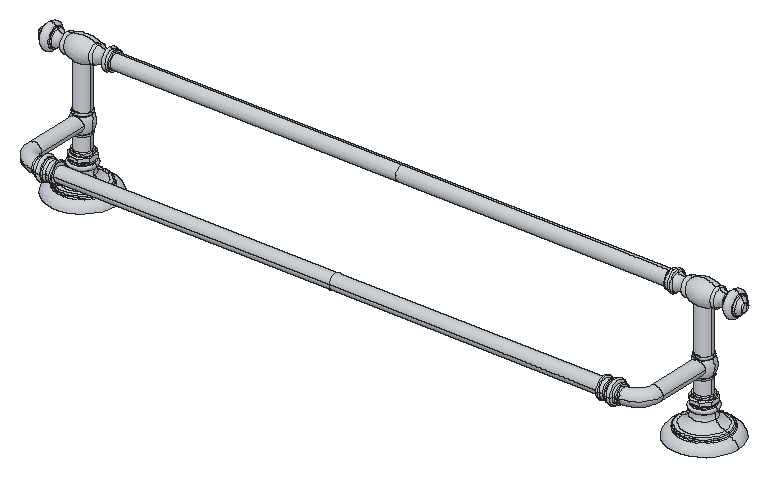
Revit family "Accessory-Towel_Bar-KOHLER-Artifacts-K-72570", category Specialty Equipment, host Face, Revit 2015 (continued)
Definition of nested family "K-72570"
  Automatic sketch dimensions
    level to Masking region 2 sketch curve = 0.35603"  (x2)
    Masking region 2 sketch curve to Masking region 2 sketch curve = 0.05299"  (x2)
    Masking region 2 sketch curve to Masking region 2 sketch curve = 0.46939"  (x2)
    Masking region 2 sketch curve to Masking region 2 sketch curve = 0.04869"  (x2)
    Masking region 2 sketch curve to Masking region 2 sketch curve = 0.10494"  (x2)
    Masking region 2 sketch curve to Masking region 2 sketch curve = 0.09229"  (x2)
    Masking region 2 sketch curve to Masking region 2 sketch curve = 0.0993"  (x2)
    Masking region 2 sketch curve to Masking region 2 sketch curve = 0.00004"  (x2)
    Masking region 2 sketch curve to Masking region 2 sketch curve = 0.0411"  (x2)
    Masking region 2 sketch curve to Masking region 2 sketch curve = 0.0434"  (x2)
    Masking region 2 sketch curve to Masking region 2 sketch curve = 0.14548"  (x2)
    Masking region 2 sketch curve to Masking region 2 sketch curve = 0.0237"  (x2)
    Masking region 2 sketch curve to Masking region 2 sketch curve = 0.06756"  (x2)
    Masking region 2 sketch curve to Masking region 2 sketch curve = 0.38829"
    Masking region 2 sketch curve to plane 8 "D" = 0.39178"
    Masking region 2 sketch curve to Masking region 2 sketch curve = 0.01422"
    Masking region 2 sketch curve to Masking region 2 sketch curve = 0.02993"  (x2)
    Masking region 2 sketch curve to Masking region 2 sketch curve = 0.04219"  (x2)
    Masking region 2 sketch curve to Masking region 2 sketch curve = 0.04232"
    Masking region 2 sketch curve to Masking region 2 sketch curve = 0.03437"
    plane 8 "D" to Masking region 2 sketch curve = 0.31172"
    Masking region 2 sketch curve to Masking region 2 sketch curve = 0.00587"
    Masking region 2 sketch curve to Masking region 2 sketch curve = 0.05553"
    Masking region 2 sketch curve to Masking region 2 sketch curve = 0.04193"
    Masking region 2 sketch curve to Masking region 2 sketch curve = 0.06285"  (x2)
    plane 8 "D" to Masking region 2 sketch curve = 1.04415"  (x2)
    Masking region 2 sketch curve to plane 5 "X" = 0.3768"
    Masking region 2 sketch curve to Masking region 2 sketch curve = 0"  (x13)
    Masking region 2 sketch curve to Masking region 2 sketch curve = 0.01711"
    Masking region 2 sketch curve to Masking region 2 sketch curve = 0.02402"
    Masking region 2 sketch curve to Masking region 2 sketch curve = 0.02693"
    Masking region 2 sketch curve to Masking region 2 sketch curve = 0.0218"
    Masking region 3 sketch curve to Masking region 3 sketch curve = 0"  (x37)
    plane 1 "Center (Front/Back)" to Masking region 3 sketch curve = 0"  (x4)
    Masking region 3 sketch curve to plane 10 = 0"
    Masking region 3 sketch curve to plane 3 "Center (Left/Right)" = 0"  (x2)
    Masking region 3 sketch curve to plane 9 = 0"
    plane 6 to Masking region 3 sketch curve = 0.02964"  (x2)
    Masking region 3 sketch curve to plane 10 = 71/256"
    plane 1 "Center (Front/Back)" to Masking region 3 sketch curve = 0.32917"  (x2)
    Masking region 3 sketch curve to plane 10 = 1.20119"
    Masking region 3 sketch curve to Masking region 3 sketch curve = 0.18338"  (x4)
    Masking region 3 sketch curve to Masking region 3 sketch curve = 0.00906"  (x4)
    Masking region 3 sketch curve to Masking region 3 sketch curve = 0.17649"  (x4)
    Masking region 3 sketch curve to Masking region 3 sketch curve = 0.02713"  (x4)
    Masking region 3 sketch curve to Masking region 3 sketch curve = 0.02789"  (x2)
    plane 10 to Masking region 3 sketch curve = 71/256"
    Masking region 3 sketch curve to Masking region 3 sketch curve = 0.38072"
    Masking region 3 sketch curve to plane 4 "C" = 0.27738"
    Masking region 3 sketch curve to Masking region 3 sketch curve = 0.00143"
    Masking region 3 sketch curve to Masking region 3 sketch curve = 0.0905"
    Masking region 3 sketch curve to Masking region 3 sketch curve = 0.09193"  (x2)
    Masking region 3 sketch curve to Masking region 3 sketch curve = 0.02967"  (x4)
    Masking region 3 sketch curve to Masking region 3 sketch curve = 0.11834"  (x4)
    Masking region 3 sketch curve to Masking region 3 sketch curve = 0.08205"  (x4)
    Masking region 3 sketch curve to Masking region 3 sketch curve = 0.04655"  (x4)
    Masking region 3 sketch curve to Masking region 3 sketch curve = 0.01889"  (x4)
    Masking region 3 sketch curve to Masking region 3 sketch curve = 0.05641"  (x4)
    Masking region 3 sketch curve to Masking region 3 sketch curve = 0.14407"  (x4)
    Masking region 3 sketch curve to Masking region 3 sketch curve = 0.02874"  (x2)
    Masking region 3 sketch curve to plane 1 "Center (Front/Back)" = 0.2757"
    plane 1 "Center (Front/Back)" to Masking region 3 sketch curve = 0.2757"
    Masking region 3 sketch curve to Masking region 3 sketch curve = 0.15856"  (x4)
    Masking region 3 sketch curve to Masking region 3 sketch curve = 0.03435"  (x4)
    Masking region 3 sketch curve to Masking region 3 sketch curve = 0.04148"  (x4)
    Masking region 3 sketch curve to Masking region 3 sketch curve = 0.06968"  (x4)
    plane 3 "Center (Left/Right)" to Masking region 3 sketch curve = 0.15272"  (x2)
    Masking region 3 sketch curve to plane 4 "C" = 0.28566"
    plane 4 "C" to Masking region 3 sketch curve = 0.28566"
    Masking region 3 sketch curve to Masking region 3 sketch curve = 0.16417"  (x2)
    Masking region 3 sketch curve to Masking region 3 sketch curve = 0.12017"
    plane 9 to Masking region 3 sketch curve = 71/256"
    Masking region 3 sketch curve to plane 9 = 71/256"
    Masking region 3 sketch curve to plane 9 = 1.20119"
    Masking region 3 sketch curve to plane 1 "Center (Front/Back)" = 0.32917"
    Masking region 3 sketch curve to plane 1 "Center (Front/Back)" = 0.33267"  (x2)
    Masking region 3 sketch curve to Masking region 3 sketch curve = 0.03886"
    Masking region 3 sketch curve to Masking region 3 sketch curve = 0.04237"  (x2)
    Masking region 3 sketch curve to Masking region 3 sketch curve = 0.06793"  (x4)
    Masking region 3 sketch curve to Masking region 3 sketch curve = 0.13455"  (x2)
    plane 1 "Center (Front/Back)" to Masking region 3 sketch curve = 0.13455"  (x2)
    Masking region 3 sketch curve to Masking region 3 sketch curve = 0.02556"  (x2)
    Masking region 3 sketch curve to Masking region 3 sketch curve = 0.19812"  (x2)
    Masking region 3 sketch curve to Masking region 3 sketch curve = 0.16678"  (x2)
    Masking region 3 sketch curve to Masking region 3 sketch curve = 0.54058"
    Masking region 3 sketch curve to Masking region 3 sketch curve = 0.00135"  (x2)
    Masking region 3 sketch curve to Masking region 3 sketch curve = 0.33443"  (x4)
    Masking region 3 sketch curve to Masking region 3 sketch curve = 0.08966"  (x4)
    Masking region 3 sketch curve to Masking region 3 sketch curve = 0.03052"  (x2)
    Masking region 3 sketch curve to Masking region 3 sketch curve = 0.03737"  (x4)
    Masking region 3 sketch curve to Masking region 3 sketch curve = 0.12947"
    Masking region 3 sketch curve to Masking region 3 sketch curve = 0.07669"
    Masking region 3 sketch curve to Masking region 3 sketch curve = 0.01437"  (x2)
    Masking region 3 sketch curve to Masking region 3 sketch curve = 0.01973"  (x4)
    Masking region 3 sketch curve to Masking region 3 sketch curve = 0.06241"  (x2)
    Masking region 3 sketch curve to Masking region 3 sketch curve = 0.06232"
    plane 4 "C" to Masking region 3 sketch curve = 0.27568"
    Masking region 3 sketch curve to plane 4 "C" = 0.27568"
    Masking region 3 sketch curve to Masking region 3 sketch curve = 0.00998"
    Masking region 3 sketch curve to Masking region 3 sketch curve = 0.03274"  (x2)
    Masking region 3 sketch curve to Masking region 3 sketch curve = 0.06694"  (x2)
    Masking region 3 sketch curve to Masking region 3 sketch curve = 0.0723"  (x2)
    Masking region 3 sketch curve to Masking region 3 sketch curve = 0.02499"  (x2)
    Masking region 3 sketch curve to Masking region 3 sketch curve = 0.03183"  (x2)
    Masking region 3 sketch curve to Masking region 3 sketch curve = 0.01994"  (x4)
    Masking region 3 sketch curve to Masking region 3 sketch curve = 0.01346"  (x4)
    Revolve 9 sketch curve to level = 0"  (x2)
    Revolve 9 sketch curve to plane 5 "X" = 0"
    Revolve 9 sketch curve to plane 9 = 0"  (x2)
    Revolve 9 sketch curve to plane 9 = 0.30054"
    Revolve 9 sketch curve to plane 9 = 1 5/16"
    plane 8 "D" to Revolve 9 sketch curve = 0.61417"
    Revolve 9 sketch curve to Revolve 9 sketch curve = 0.86931"
    Revolve 10 sketch curve to level = 0"  (x2)
    Revolve 10 sketch curve to plane 5 "X" = 0"
    plane 10 to Revolve 10 sketch curve = 0"  (x2)
    plane 10 to Revolve 10 sketch curve = 0.30054"
    plane 10 to Revolve 10 sketch curve = 1 5/16"
    Revolve 10 sketch curve to plane 8 "D" = 0.61417"
    Revolve 10 sketch curve to Revolve 10 sketch curve = 0.86931"
    Extrusion 11 sketch curve to plane 3 "Center (Left/Right)" = 0"
    plane 1 "Center (Front/Back)" to Extrusion 11 sketch curve = 0.48116"
    Extrusion 11 sketch curve to plane 10 = 1.59801"
    Extrusion 11 sketch curve to plane 9 = 1.59801"
    Extrusion 11 sketch curve to plane 1 "Center (Front/Back)" = 0.48116"
    plane 1 "Center (Front/Back)" to Extrusion 12 sketch curve = 0"  (x2)
    Extrusion 12 sketch curve to plane 10 = 0.29657"
    plane 10 to Extrusion 12 sketch curve = 0.30582"
    plane 9 to Extrusion 12 sketch curve = 0.30489"
    Extrusion 12 sketch curve to plane 9 = 0.29657"
    plane 4 "C" to Extrusion 12 sketch curve = 0.4436"
    Extrusion 12 sketch curve to plane 4 "C" = 0.4436"
    Revolve 3 sketch curve to plane 5 "X" = 0"  (x2)
    Revolve 3 sketch curve to plane 11 = 0"
    plane 11 to Revolve 3 sketch curve = 0.00076"
    plane 11 to Revolve 3 sketch curve = 0.02789"
    plane 11 to Revolve 3 sketch curve = 0.20438"
    Revolve 3 sketch curve to Revolve 3 sketch curve = 0.00906"  (x2)
    Revolve 3 sketch curve to Revolve 3 sketch curve = 0.18338"  (x2)
    Revolve 3 sketch curve to Revolve 3 sketch curve = 0.17675"
    Revolve 3 sketch curve to Revolve 3 sketch curve = 0.03168"
    Revolve 3 sketch curve to Revolve 3 sketch curve = 0.19957"  (x2)
    Revolve 3 sketch curve to Revolve 3 sketch curve = 0.23442"  (x2)
    plane 9 to Revolve 3 sketch curve = 0.00033"
    plane 9 to Revolve 3 sketch curve = 0.55878"
    Revolve 3 sketch curve to Revolve 3 sketch curve = 0.25289"  (x2)
    plane 13 to Revolve 3 sketch curve = 0.20338"
    Revolve 3 sketch curve to Revolve 3 sketch curve = 0.02629"  (x2)
    Revolve 3 sketch curve to Revolve 3 sketch curve = 0.0264"  (x2)
    plane 13 to Revolve 3 sketch curve = 0.02962"
    plane 3 "Center (Left/Right)" to Revolve 3 sketch curve = 0.02086"
    plane 3 "Center (Left/Right)" to Revolve 3 sketch curve = 0.31774"
    Revolve 3 sketch curve to Revolve 3 sketch curve = 0.02962"
    Revolve 3 sketch curve to Revolve 3 sketch curve = 0.12107"
    Revolve 3 sketch curve to Revolve 3 sketch curve = 0.25456"
    plane 10 to Revolve 3 sketch curve = 0.00033"
    plane 5 "X" to Revolve 3 sketch curve = 0.28705"  (x4)
    Revolve 3 sketch curve to plane 10 = 0.55878"
    Revolve 3 sketch curve to Revolve 3 sketch curve = 0.03132"
    Revolve 3 sketch curve to Revolve 3 sketch curve = 0.17711"
    Revolve 3 sketch curve to plane 12 = 0.02789"
    Revolve 3 sketch curve to plane 12 = 0.00076"
    Revolve 3 sketch curve to plane 5 "X" = 0.46579"  (x2)
    Revolve 3 sketch curve to Revolve 3 sketch curve = 0.13455"
    plane 5 "X" to Revolve 3 sketch curve = 0.13455"
    plane 5 "X" to Revolve 3 sketch curve = 0.2757"
    Revolve 3 sketch curve to Revolve 3 sketch curve = 0.16905"  (x2)
    plane 5 "X" to Revolve 3 sketch curve = 0.30732"  (x2)
    Revolve 3 sketch curve to Revolve 3 sketch curve = 0.04266"  (x2)
    Revolve 3 sketch curve to Revolve 3 sketch curve = 0.04596"  (x2)
    Revolve 3 sketch curve to Revolve 3 sketch curve = 0.02556"  (x2)
    Revolve 3 sketch curve to Revolve 3 sketch curve = 0.19812"  (x2)
    Revolve 3 sketch curve to Revolve 3 sketch curve = 0.03003"  (x2)
    Revolve 3 sketch curve to Revolve 3 sketch curve = 0.02571"  (x2)
    Revolve 3 sketch curve to Revolve 3 sketch curve = 0.0269"
    Revolve 3 sketch curve to Revolve 3 sketch curve = 7/256"
    Revolve 3 sketch curve to Revolve 3 sketch curve = 0.06793"  (x2)
    Revolve 3 sketch curve to Revolve 3 sketch curve = 0.08062"  (x2)
    Revolve 3 sketch curve to Revolve 3 sketch curve = 0.14384"  (x2)
    Revolve 3 sketch curve to Revolve 3 sketch curve = 0"  (x14)
    Revolve 3 sketch curve to Revolve 3 sketch curve = 0.06349"  (x2)
    Revolve 3 sketch curve to plane 9 = 0.29657"
    Revolve 3 sketch curve to Revolve 3 sketch curve = 0.06334"  (x2)
    Revolve 3 sketch curve to Revolve 3 sketch curve = 0.02542"  (x2)
    plane 9 to Masking region 3 sketch curve = 1.55004"
    plane 9 to Masking region 3 sketch curve = 1.28322"
    plane 10 to Masking region 3 sketch curve = 1.28322"
    curve 211 to plane 10 = 0"
    curve 195 to plane 9 = 0"
    curve 194 to plane 9 = 0"
    curve 196 to plane 9 = 0"
    curve 213 to plane 10 = 0.00408"
    curve 185 to plane 10 = 0.49528"
    curve 206 to curve 205 = 0.06338"
    curve 184 to curve 183 = 0.06338"
    curve 186 to curve 206 = 0.06115"
    curve 204 to curve 204 = 0.17341"
    curve 174 to curve 186 = 0.17341"
    curve 173 to curve 174 = 0.1736"
    curve 170 to curve 171 = 0.02577"
    curve 210 to curve 173 = 0.02577"
    curve 208 to curve 210 = 1/32"
    curve 169 to curve 171 = 1/32"
    curve 170 to curve 169 = 0.00423"
    curve 209 to curve 208 = 0.00423"
    curve 172 to curve 169 = 0.02678"
    curve 207 to curve 172 = 0.14906"
    curve 168 to curve 168 = 0.14906"
    plane 10 to curve 205 = 0.00008"
    plane 10 to curve 183 = 0.00008"
    plane 10 to curve 187 = 0.00008"
    plane 10 to curve 212 = 0.00408"
    curve 182 to plane 1 "Center (Front/Back)" = 0.31734"
    plane 10 to curve 182 = 0.49544"
    curve 183 to curve 175 = 0.0607"
    curve 205 to curve 202 = 0.06331"
    curve 175 to curve 179 = 0.0484"
    curve 179 to curve 176 = 0.20467"
    curve 202 to curve 203 = 0.20678"
    curve 203 to curve 180 = 0.19146"
    curve 200 to curve 200 = 0.06525"
    curve 178 to curve 177 = 0.06953"
    curve 177 to curve 178 = 0.00398"
    curve 200 to curve 199 = 0.00901"
    curve 177 to curve 181 = 0.0466"
    curve 199 to curve 198 = 0.10141"
    curve 177 to curve 189 = 0.10829"
    curve 198 to curve 188 = 0.03025"
    curve 127 to plane 1 "Center (Front/Back)" = 0.33712"
    plane 9 to curve 127 = 1.23893"
    curve 127 to curve 125 = 0.01417"
    curve 142 to curve 140 = 0.01417"
    curve 125 to curve 150 = 0.10584"
    curve 138 to curve 139 = 0.04263"
    curve 123 to curve 124 = 0.04263"
    curve 139 to curve 138 = 0.00398"
    curve 124 to curve 123 = 0.00398"
    curve 124 to curve 149 = 0.07351"
    curve 149 to curve 122 = 0.19357"
    curve 149 to curve 137 = 0.19357"
    curve 137 to curve 148 = 0.20467"
    curve 136 to curve 136 = 0.0484"
    curve 121 to curve 121 = 0.0484"
    curve 136 to curve 147 = 0.0607"
    plane 9 to curve 120 = 0.00008"
    plane 9 to curve 135 = 0.00008"
    plane 9 to curve 151 = 0.00008"
    curve 146 to plane 9 = 0.49528"
    curve 119 to curve 119 = 0.06338"
    curve 146 to curve 134 = 0.06338"
    curve 134 to curve 145 = 0.06115"
    curve 119 to curve 118 = 0.17341"
    curve 145 to curve 133 = 0.17341"
    curve 133 to curve 144 = 0.1736"
    curve 144 to curve 131 = 0.02577"
    curve 144 to curve 116 = 0.02577"
    curve 117 to curve 115 = 1/32"
    curve 132 to curve 130 = 1/32"
    curve 130 to curve 131 = 0.00423"
    curve 115 to curve 116 = 0.00423"
    curve 115 to curve 143 = 0.02678"
    curve 143 to curve 114 = 0.14906"
    curve 143 to curve 129 = 0.14906"
    curve 143 to plane 1 "Center (Front/Back)" = 23/64"
    curve 172 to plane 1 "Center (Front/Back)" = 23/64"
    curve 169 to curve 169 = 0.00511"
    curve 115 to curve 114 = 0.00511"
    curve 118 to curve 116 = 0.07833"
    curve 135 to plane 1 "Center (Front/Back)" = 0.45917"
    curve 205 to plane 1 "Center (Front/Back)" = 0.47138"
    curve 176 to curve 182 = 0.21146"
    curve 122 to curve 123 = 0.17751"
    curve 181 to curve 178 = 0.02664"
    curve 177 to curve 178 = 0.02661"
    curve 123 to curve 124 = 0.02661"
    curve 196 to plane 1 "Center (Front/Back)" = 0.00375"
    curve 195 to plane 1 "Center (Front/Back)" = 0.0016"
    curve 195 to curve 151 = 0.00066"
    curve 194 to plane 1 "Center (Front/Back)" = 0.00047"
    curve 211 to plane 1 "Center (Front/Back)" = 0.00047"
    plane 1 "Center (Front/Back)" to curve 187 = 0.00144"
    plane 1 "Center (Front/Back)" to curve 213 = 0.00435"
    plane 1 "Center (Front/Back)" to curve 212 = 0.00435"
    plane 1 "Center (Front/Back)" to curve 202 = 0.28711"
    plane 1 "Center (Front/Back)" to curve 134 = 0.28865"
    plane 1 "Center (Front/Back)" to curve 206 = 0.28865"
    plane 1 "Center (Front/Back)" to curve 136 = 0.29012"
    plane 1 "Center (Front/Back)" to curve 132 = 0.30826"
    plane 1 "Center (Front/Back)" to curve 210 = 0.30826"
    plane 1 "Center (Front/Back)" to curve 188 = 0.32104"
    curve 180 to curve 199 = 0.02664"
    curve 137 to curve 139 = 0.00003"
    curve 200 to curve 199 = 0.02177"
    curve 129 to curve 131 = 0.00661"
    curve 207 to curve 208 = 0.00661"
    curve 139 to curve 127 = 0.01245"
    plane 1 "Center (Front/Back)" to curve 120 = 0.45917"
    curve 212 to curve 183 = 0.46703"
    plane 6 to curve 193 = 0.02964"
    curve 193 to plane 10 = 71/256"
    curve 184 to curve 187 = 25/128"
    curve 173 to curve 213 = 0.04226"
    curve 174 to curve 211 = 0.04094"
    curve 168 to curve 168 = 0.02145"
    curve 207 to curve 207 = 0.02145"
    curve 167 to curve 168 = 0.15087"
    curve 166 to curve 167 = 0.07636"
    curve 165 to curve 166 = 0.147"
    plane 10 to curve 212 = 71/256"
    plane 4 "C" to curve 159 = 71/256"
    plane 10 to curve 159 = 3/4"
    curve 159 to curve 160 = 0.14801"
    curve 212 to curve 203 = 0.07821"
    curve 160 to curve 161 = 0.14749"
    curve 161 to curve 162 = 0.08444"
    curve 190 to curve 190 = 0.03264"
    curve 197 to curve 197 = 0.03264"
    curve 162 to curve 163 = 0.26114"
    curve 163 to curve 164 = 0.08928"
    plane 4 "C" to curve 158 = 0.27568"
    plane 9 to curve 158 = 1.48036"
    curve 158 to curve 157 = 0.08928"
    curve 126 to curve 126 = 0.04428"
    curve 141 to curve 141 = 0.04428"
    curve 157 to curve 156 = 0.26114"
    curve 156 to curve 155 = 0.08444"
    curve 139 to curve 195 = 0.07674"
    curve 124 to curve 194 = 0.07765"
    curve 155 to curve 154 = 0.14749"
    curve 154 to curve 110 = 0.14801"
    curve 121 to curve 151 = 0.19728"
    curve 147 to curve 153 = 0.2181"
    curve 196 to plane 9 = 71/256"
    curve 196 to curve 133 = 0.03886"
    curve 129 to curve 129 = 0.02145"
    curve 114 to curve 114 = 0.02145"
    curve 114 to curve 113 = 0.15087"
    curve 113 to curve 112 = 0.07636"
    curve 112 to curve 111 = 0.147"
    curve 113 to curve 114 = 0.03274"
    curve 167 to curve 168 = 0.03274"
    curve 113 to curve 112 = 0.05532"
    curve 167 to curve 166 = 0.05532"
    curve 128 to curve 126 = 0.06142"
    curve 188 to curve 190 = 0.05222"
    curve 111 to plane 1 "Center (Front/Back)" = 0.16219"
    curve 165 to plane 1 "Center (Front/Back)" = 0.16219"
    plane 1 "Center (Front/Back)" to curve 165 = 0.16219"
    plane 1 "Center (Front/Back)" to curve 111 = 0.16219"
    curve 213 to curve 173 = 0.04952"
    curve 197 to curve 188 = 0.04533"
    curve 141 to curve 127 = 0.06142"
    curve 111 to curve 112 = 0.14617"
    curve 165 to curve 166 = 0.14617"
    curve 112 to curve 113 = 0.05532"
    curve 166 to curve 167 = 0.05532"
    plane 6 to curve 192 = 0.02964"
    plane 6 to curve 152 = 0.02964"
    plane 6 to curve 153 = 0.02964"
    plane 4 "C" to curve 155 = 0.40215"
    curve 161 to curve 159 = 0.12481"
    curve 155 to curve 156 = 0.01265"
    curve 161 to curve 162 = 0.01265"
    curve 157 to curve 158 = 19/256"
    curve 162 to curve 163 = 0.03961"
    curve 155 to curve 154 = 0.06235"
    curve 161 to curve 160 = 0.06235"
    curve 154 to curve 110 = 0.06245"
    curve 163 to curve 164 = 19/256"
    curve 164 to plane 4 "C" = 0.27568"
    curve 158 to plane 4 "C" = 0.27568"
    curve 159 to plane 4 "C" = 71/256"
    curve 110 to plane 4 "C" = 71/256"
    curve 110 to curve 154 = 0.06245"
    curve 159 to curve 160 = 0.06245"
    curve 158 to curve 157 = 19/256"
    curve 164 to curve 163 = 19/256"
    curve 160 to curve 162 = 0.0497"
    curve 154 to curve 156 = 0.0497"
    curve 162 to curve 161 = 0.01265"
    curve 156 to curve 155 = 0.01265"
    radius of curve 82 = 0.35128"
    radius of curve 87 = 1/4"
    radius of Extrusion 2 sketch curve = 0.64587"
    radius of Extrusion 5 sketch curve = 0.64587"
    radius of Sweep 7 sketch curve = 71/256"
    radius of Sweep 8 sketch curve = 71/256"
Types (7): name | Type | Model | Finish
  (no name) | 1 | "K-72570-CP" | Kohler-Metal-CP-Polished_Chrome
  CP-Polished Chrome | 1 | "K-72570-CP" | Kohler-Metal-CP-Polished_Chrome
  SN-Vibrant Polished Nickel | 2 | "K-72570-SN" | Kohler-Metal-SN-Vibrant_Polished_Nickel
  BN-Vibrant Brushed Nickel | 3 | "K-72570-BN" | Kohler-Metal-BN-Vibrant_Brushed_Nickel
  BV-Vibrant Brushed Bronze | 4 | "K-72570-BV" | Kohler-Metal-BV-Brushed_Bronze
  2BZ-Oil Rubbed Bronze | 5 | "K-72570-2BZ" | Kohler-Metal-2BZ-Oil_Rubbed_Bronze
  VNT-Vintage Nickel | 6 | "K-72570-VNT" | Kohler-Metal-VNT-Vintage_Nickel
